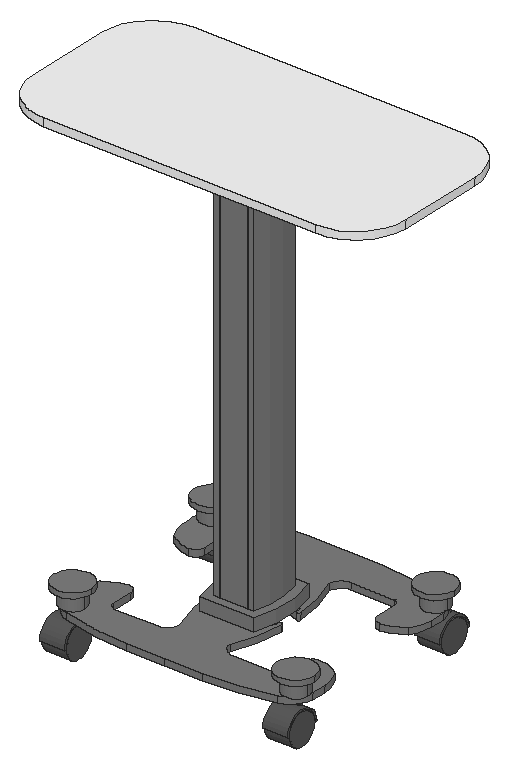
Revit family "Planet-Wattohm Mini Colonnes Logix Clippage direct", category Installations électriques, Revit 2020
Family settings
  Conserver l'orientation des annotations = Non
  Cote de connecteur circulaire = Utiliser le diamètre
  Type d'élément = Normal
  Basée sur le plan de construction = Non
  Toujours verticalement = Oui
  Couper avec des vides une fois chargée = Non
  Partagée = Non
  Point de calcul de pièce = Non
Parameters (values of type "roll and plug 1 cpt 0,68m Alu")
  Visibility Control Table [instance] = and(Tablette, not([4 CPT]))  # yes
  Visibility Control Stand [instance] = and(or(Pieds, Visibility Control Casters), not([4 CPT]))  # yes
  Visibility Control Casters [instance] = and(Option Jeux de roulettes, not([4 CPT]))  # yes
  Séparateur = if([4 CPT], 125 mm, 34.7 mm)  # 34.7 mm
  Standard = "A clippage direct-ON"
  Offset [instance] = if(Visibility Control Casters, 68 mm, if(Visibility Control Stand, 10 mm, 0 mm))  # 68 mm
  Nombre de compartiments = "1 compartiment"
  Modèle = "PW-32317"
  Matériaux corps = Legrand - Aluminium gris
  Matériau principal = "Mixte"
  Matériau couvercle = Legrand - Plastique gris
  Longueur = if([1 CPT], 82 mm, 125 mm)  # 82 mm
  Largeur = if([4 CPT], 125 mm, 75 mm)  # 75 mm
  Tablette [instance] = yes
  Pieds [instance] = yes
  Option Jeux de roulettes [instance] = yes
  H1 = 680 mm
  HC = H1 - 40 mm  # 640 mm
  Finition = "Aluminium"
  Fabricant = "PLANET WATTOHM"
  Elévation par défaut = 0 mm
  Description = "Colonnette 1 compartiment. Clippage direct. Logix 45. En Aluminium. 0,68m"
  Column stand = Pied mobile : pied pr Colonnette Alu 1/2 cpt
  4 CPT = no
  2 CPT = no
  1 CPT = yes
Types (6, lengths in mm): name | Visibility Control Table | Visibility Control Stand | Visibility Control Casters | Séparateur | Offset | Nombre de compartiments | Modèle | Matériau principal | Longueur | Largeur | Tablette | Pieds | Option Jeux de roulettes | H1 | HC | Description | 4 CPT | 2 CPT | 1 CPT
  Colonnette 1 cpt 0,30m Alu | no | no | no | 34.7 | 0 | "1 compartiment" | "PW-32315" | "Aluminium" | 82 | 75 | no | no | no | 300 | 260 | "Colonne mobile 1 compartiment, 2 faces. Clippage direct. Logix 45. Corps en et couvercles en Aluminium. 2m" | no | no | yes
  Colonnette 1 cpt 0,68m Alu | no | no | no | 34.7 | 0 | "1 compartiment" | "PW-32316" | "Aluminium" | 82 | 75 | no | no | no | 680 | 640 | "Colonnette 1 compartiment. Clippage direct. Logix 45. En Aluminium. 0,30m" | no | no | yes
  Colonnette 2 cpts 0,68m Alu | no | no | no | 34.7 | 0 | "2 compartiments" | "PW-32326" | "Aluminium" | 125 | 75 | no | no | no | 680 | 640 | "Colonne mobile  2 compartiments, 2 faces. Clippage direct. Logix 45. Corps en et couvercles en Aluminium. 2m" | no | yes | no
  Colonnette 4 cpts 0,30m Alu | no | no | no | 125 | 0 | "4 compartiments" | "PW-32345" | "Aluminium" | 125 | 125 | no | no | no | 300 | 260 | "Colonne 4 compartiments, 2 faces. Clippage direct" | yes | no | no
  Colonnette 4 cpts 0,68m Alu | no | no | no | 125 | 0 | "4 compartiments" | "PW-32346" | "Aluminium" | 125 | 125 | no | no | no | 680 | 640 | "Colonnette 4 compartiments. 2 faces. Clippage direct. Logix 45. En Aluminium. 0,30m" | yes | no | no
  roll and plug 1 cpt 0,68m Alu | yes | yes | yes | 34.7 | 68 | "1 compartiment" | "PW-32317" | "Mixte" | 82 | 75 | yes | yes | yes | 680 | 640 | "Colonnette 1 compartiment. Clippage direct. Logix 45. En Aluminium. 0,68m" | no | no | yes
Reference planes
  plane 1 "Centre (avant/arrière)": y = 0
  plane 2: z = 68
  plane 3 "Centre (gauche/droite)": x = 0
  plane 4: z = 748
  plane 5: x = 37.5
  plane 6: x = -37.5
  plane 7: y = 41
  plane 8: y = -41
  plane 9: x = -22.539
  plane 10: x = 22.539
  plane 11 "Bas Corps": z = 88
  plane 12 "Haut corps": z = 728
  plane 13: z = 0
  plane 14 "Connecteur": z = 408
Forms (mm)
  Extrusion 1, solid, material "Legrand - Aluminium gris" <- "Matériaux corps"
    sketch origin (0, 0, 88) x (-1, 0, 0) y (0, -1, 0)
      loop
        arc (32.5, -41) -> (37.5, 0) -> (32.5, 41) r 170.6
        line (32.5, 41) -> (22.539, 41) -> (22.539, 17.358) -> (2.539, 17.358) -> (2.539, -17.358) -> (22.539, -17.358) -> (22.539, -41) -> (32.5, -41)
      loop
        arc (-32.5, 41) -> (-37.5, 0) -> (-32.5, -41) r 170.6
        line (-32.5, -41) -> (-22.539, -41) -> (-22.539, -17.358) -> (-2.539, -17.358) -> (-2.539, 17.358) -> (-22.539, 17.358) -> (-22.539, 41) -> (-32.5, 41)
    from 0 to 640 <- "HC"
  Extrusion 2, solid, material "Legrand - Aluminium gris" <- "Matériaux corps"
    sketch origin (0, 0, 88) x (-1, 0, 0) y (0, -1, 0)
      loop
        line (2.55, -17.35) -> (2.55, 17.35) -> (-2.55, 17.35) -> (-2.55, -17.35) -> (2.55, -17.35)
    from 0 to 640 <- "HC"
  Extrusion 3, solid, material "Legrand - Plastique gris" <- "Matériau couvercle"
    sketch origin (0, 0, 0) x (1, 0, 0) y (0, 1, 0)
      loop
        arc (-43.85, 56) -> (-52.5, 0) -> (-43.85, -56) r 185.6
        line (-43.85, -56) -> (43.85, -56)
        arc (43.85, -56) -> (52.5, 0) -> (43.85, 56) r 185.6
        line (43.85, 56) -> (-43.85, 56)
    from 68 to 88
  Extrusion 4, solid, material "Legrand - Plastique gris" <- "Matériau couvercle"
    sketch origin (0, 0, 728) x (-1, 0, 0) y (0, -1, 0)
      loop
        arc (34.058, -43) -> (39.5, 0) -> (34.058, 43) r 172.6
        line (34.058, 43) -> (-34.058, 43)
        arc (-34.058, 43) -> (-39.5, 0) -> (-34.058, -43) r 172.6
        line (-34.058, -43) -> (34.058, -43)
    from 0 to 20
Cuts and joins
  joined: Extrusion 1, Extrusion 2
Dimensions and locks
  "H1": plane 4 to plane 2
  equal spacing: plane 7, plane 1 "Centre (avant/arrière)", plane 8
  equal spacing: plane 6, plane 3 "Centre (gauche/droite)", plane 5
  "Largeur": plane 6 to plane 5
  "Longueur": plane 7 to plane 8
  locked: plane 6 to plane 9 at 14.961
  locked: plane 10 to plane 5 at 14.961
  locked: Extrusion 1 sketch curve to plane 9 at 14.961
  locked: plane 10 to Extrusion 1 sketch curve at 14.961
  Extrusion 1 sketch curve to plane 1 "Centre (avant/arrière)" to Extrusion 1 sketch curve = 17.358 mm locked, 17.358 mm locked
  equal spacing: Extrusion 2 sketch curve, plane 3 "Centre (gauche/droite)", Extrusion 2 sketch curve
  equal spacing: Extrusion 2 sketch curve, plane 1 "Centre (avant/arrière)", Extrusion 2 sketch curve
  "Séparateur": Extrusion 2 sketch curve to Extrusion 2 sketch curve
  locked: Extrusion 2 sketch curve to Extrusion 2 sketch curve at 5.1
  locked: plane 11 "Bas Corps" to plane 2 at 20
  locked: plane 4 to plane 12 "Haut corps" at 20
  locked: Extrusion 3 sketch curve to plane 6 at 15
  Extrusion 3 sketch curve to plane 7 = 15 mm
  locked: Extrusion 3 sketch curve to plane 8 at 15
  locked: plane 5 to Extrusion 3 sketch curve at 15
  locked: Extrusion 4 sketch curve to plane 6 at 2
  locked: plane 5 to Extrusion 4 sketch curve at 2
  locked: Extrusion 4 sketch curve to plane 7 at 2
  locked: plane 8 to Extrusion 4 sketch curve at 2
  "Offset": plane 2 to plane 13
  equal spacing: plane 4, plane 14 "Connecteur", plane 2
  radius of Extrusion 1 sketch curve = 170.6 mm  (x2)
  radius of Extrusion 3 sketch curve = 185.6 mm  (x2)
  radius of Extrusion 4 sketch curve = 172.6 mm  (x2)
  aligned and locked: Extrusion 1 sketch curve to plane 7  (x2)
  aligned and locked: plane 8 to Extrusion 1 sketch curve  (x2)
  aligned and locked: plane 9 to Extrusion 1 sketch curve
  aligned and locked: plane 10 to Extrusion 1 sketch curve
  aligned and locked: nested 1 to Extrusion 1
  aligned and locked: nested 1 to plane 7
  aligned and locked: Extrusion 1 to nested 1
  aligned and locked: nested 2 to plane 7
  aligned and locked: nested 2 to Extrusion 1  (x2)
  aligned and locked: nested 3 to Extrusion 1  (x2)
  aligned and locked: plane 8 to nested 3
  aligned and locked: plane 8 to nested 4
  aligned and locked: nested 4 to Extrusion 1
  aligned and locked: nested 4 to nested 3
  aligned and locked: nested 4 to plane 11 "Bas Corps"
  aligned and locked: nested 3 to plane 11 "Bas Corps"
  aligned and locked: nested 2 to plane 11 "Bas Corps"
  aligned and locked: nested 1 to plane 11 "Bas Corps"
  aligned and locked: plane 11 "Bas Corps" to Extrusion 3
  aligned and locked: plane 4 to Extrusion 4
  aligned and locked: Extrusion 3 to plane 2
  aligned and locked: level to plane 13
Automatic sketch dimensions
  Extrusion 1 sketch curve to plane 10 = 0 mm
  Extrusion 1 sketch curve to plane 9 = 0 mm
  plane 1 "Centre (avant/arrière)" to Extrusion 1 sketch curve = 0 mm  (x2)
  plane 3 "Centre (gauche/droite)" to Extrusion 1 sketch curve = 2.539 mm
  Extrusion 1 sketch curve to plane 3 "Centre (gauche/droite)" = 2.539 mm
  Extrusion 1 sketch curve to plane 1 "Centre (avant/arrière)" = 17.358 mm
  plane 1 "Centre (avant/arrière)" to Extrusion 1 sketch curve = 17.358 mm
  plane 1 "Centre (avant/arrière)" to Extrusion 3 sketch curve = 0 mm  (x2)
  plane 1 "Centre (avant/arrière)" to Extrusion 4 sketch curve = 0 mm  (x2)
Nested families
  nested 1: "Couvercles de Colonne" at (-22.539, 41, 88), H1 <- "HC", Matériau <- "Matériau couvercle", type "Couvercles de Colonne"
    with Matériau Legrand - Plastique gris, L1 23.642 mm, H1 640 mm
  nested 2: "Couvercles de Colonne" at (-22.461, 41, 88), visible <- "4 CPT", H1 <- "HC", Matériau <- "Matériau couvercle", type "Couvercles de Colonne"
    with Matériau Legrand - Plastique gris, L1 23.642 mm, H1 640 mm
  nested 3: "Couvercles de Colonne" at (-22.461, -17.358, 88), visible <- "4 CPT", H1 <- "HC", Matériau <- "Matériau couvercle", type "Couvercles de Colonne"
    with Matériau Legrand - Plastique gris, L1 23.642 mm, H1 640 mm
  nested 4: "Couvercles de Colonne" at (-22.539, -17.358, 88), H1 <- "HC", Matériau <- "Matériau couvercle", type "Couvercles de Colonne"
    with Matériau Legrand - Plastique gris, L1 23.642 mm, H1 640 mm
  nested 5: "Tablette" at (0, 0, 748), visible <- "Visibility Control Table", type "table pour Colonnette 1/2 cpt"
  nested 6: "Pied mobile" at (0.11, -0.11, 68) x (0, -1, 0) z (0, 0, -1), type <- "Column stand", visible <- "Visibility Control Stand", type "pied pr Colonnette Alu 1/2 cpt"
  nested 7: "Roulette" at (-180.073, -153.848, 0) x (-1, 0, 0) z (0, 0, 1), visible <- "Visibility Control Casters", type "4 roulettes et range cordon de Colonnettes"
  nested 8: "Roulette" at (180.073, -153.848, 0) x (-1, 0, 0) z (0, 0, 1), visible <- "Visibility Control Casters", type "4 roulettes et range cordon de Colonnettes"
  nested 9: "Roulette" at (-180.073, 153.629, 0) x (-1, 0, 0) z (0, 0, 1), visible <- "Visibility Control Casters", type "4 roulettes et range cordon de Colonnettes"
  nested 10: "Roulette" at (180.073, 153.629, 0) x (-1, 0, 0) z (0, 0, 1), visible <- "Visibility Control Casters", type "4 roulettes et range cordon de Colonnettes"
Connectors
  electrical at (0, 0, 408)
    settings: index 1, voltage 0 V, apparent load 0 VA, apparent load phase1 0 VA, apparent load phase2 0 VA, apparent load phase3 0 VA, power factor 1, load classification "Autre", number of poles 1, system type 31, power factor state 1, is connector primary yes, connector utility no, sub classification motor no, connector description ""
Definition of nested family "Couvercles de Colonne"
  Parameters (values of type "IDS_COLUMN_COVER")
    Matériau [instance] = none
    L1 [instance] = 187.766 mm
    H1 [instance] = 2660 mm
    Default Elevation = 0 mm
  Reference planes
    plane 1 "Centre (avant/arrière)": y = 0
    plane 2: z = 0
    plane 3 "Centre (gauche/droite)": x = 0
    plane 4: x = 45
    plane 5: y = -187.766
    plane 6: z = 2660
  Forms (mm)
    Extrusion 1, solid, material <- "Matériau"
      sketch origin (0, 0, 0) x (1, 0, 0) y (0, 1, 0)
        loop
          line (0, 0) -> (0, -187.766) -> (45, -187.766) -> (45, 0) -> (0, 0)
      from 0 to 2660
  Dimensions and locks
    plane 3 "Centre (gauche/droite)" to plane 4 = 45 mm
    "L1": plane 5 to plane 1 "Centre (avant/arrière)"
    "H1": plane 6 to plane 2
    aligned and locked: level to plane 2
    aligned and locked: plane 6 to Extrusion 1
  Automatic sketch dimensions
    Extrusion 1 sketch curve to plane 3 "Centre (gauche/droite)" = 0 mm
    Extrusion 1 sketch curve to plane 4 = 0 mm
    Extrusion 1 sketch curve to plane 5 = 0 mm
    plane 1 "Centre (avant/arrière)" to Extrusion 1 sketch curve = 0 mm
Definition of nested family "Tablette"
  Parameters (values of type "IDS_653084")
    Model = "LG-653084"
    Manufacturer = "LEGRAND"
    Default Elevation = 1219.2 mm
    Description = "IDS_DESCRITPION_LG-653084"
  Reference planes
    plane 1 "Centre (avant/arrière)": y = 0
    plane 2: z = 0
    plane 3 "Centre (gauche/droite)": x = 0
  Forms (mm)
    Extrusion 1, solid
      sketch origin (0, 0, 0) x (1, 0, 0) y (0, 1, 0)
        loop
          line (-1219.2, 1219.2) -> (-1219.2, -1219.2) -> (1219.2, -1219.2) -> (1219.2, 1219.2) -> (-1219.2, 1219.2)
      from 0 to -304.8
    Extrusion 2, solid
      sketch origin (0, 0, 0) x (1, 0, 0) y (0, 1, 0)
        loop
          arc (-220, 150) -> (-276.569, 126.569) -> (-300, 70) r 80
          line (-300, 70) -> (-300, -70)
          arc (-300, -70) -> (-276.569, -126.569) -> (-220, -150) r 80
          line (-220, -150) -> (220, -150)
          arc (220, -150) -> (276.569, -126.569) -> (300, -70) r 80
          line (300, -70) -> (300, 70)
          arc (300, 70) -> (276.569, 126.569) -> (220, 150) r 80
          line (220, 150) -> (-220, 150)
      from 0 to 12
  Dimensions and locks
    Extrusion 2 to Extrusion 2 = 600 mm
    Extrusion 2 to Extrusion 2 = 300 mm
    aligned and locked: plane 2 to Extrusion 1
    aligned and locked: level to Extrusion 1
Definition of nested family "Pied mobile"
  Parameters (values of type "IDS_PW-32352")
    Model = "PW-32352"
    Materiau = none
    Manufacturer = "PLANET WATTOHM"
    Default Elevation = 1219.2 mm
    Description = "IDS_DESCRITPION_PW-32352"
  Reference planes
    plane 1 "Centre (avant/arrière)": y = 0
    plane 2: z = 0
    plane 3 "Centre (gauche/droite)": x = 0
    plane 4: y = -200
    plane 5: y = 200
    plane 6: x = -180
    plane 7: x = 180
  Forms (mm)
    Extrusion 1, solid
      sketch origin (0, 0, 0) x (1, 0, 0) y (0, 1, 0)
        loop
          line (-1219.2, 1219.2) -> (-1219.2, -1219.2) -> (1219.2, -1219.2) -> (1219.2, 1219.2) -> (-1219.2, 1219.2)
      from 0 to -304.8
    Extrusion 2, solid, material <- "Materiau"
      sketch origin (0, 0, 0) x (1, 0, 0) y (0, 1, 0)
        loop
          line (-180, 0) -> (-180, -61.189)
          arc (-180, -61.189) -> (-175.417, -115.996) -> (-165, -170) r 513.701
          arc (-165, -170) -> (-153.071, -189.987) -> (-132.058, -200) r 40.162
          line (-132.058, -200) -> (-107.825, -200)
          arc (-107.825, -200) -> (-90.864, -196.802) -> (-75, -190) r 79.091
          arc (-75, -190) -> (-65.429, -173.295) -> (-60.467, -154.692) r 74.359
          arc (-60.467, -154.692) -> (-64.771, -144.303) -> (-75.16, -140) r 14.692
          line (-75.16, -140) -> (-110, -140)
          arc (-110, -140) -> (-117.071, -137.071) -> (-120, -130) r 10
          line (-120, -130) -> (-120, -60.561)
          arc (-120, -60.561) -> (-114.142, -46.419) -> (-100, -40.561) r 20
          arc (-100, -40.561) -> (-60.66, -53.386) -> (-19.784, -59.807) r 260
          arc (-19.784, -59.807) -> (-16.958, -58.636) -> (-16.06, -55.711) r 3.591
          line (-16.06, -55.711) -> (-31.638, -12.913)
          arc (-31.638, -12.913) -> (-29.417, -0.22) -> (-17.905, 5.568) r 14.343
          line (-17.905, 5.568) -> (17.905, 5.568)
          arc (17.905, 5.568) -> (29.417, -0.22) -> (31.638, -12.913) r 14.343
          line (31.638, -12.913) -> (16.06, -55.711)
          arc (16.06, -55.711) -> (16.958, -58.636) -> (19.784, -59.807) r 3.591
          arc (19.784, -59.807) -> (60.66, -53.386) -> (100, -40.561) r 260
          arc (100, -40.561) -> (114.142, -46.419) -> (120, -60.561) r 20
          line (120, -60.561) -> (120, -130)
          arc (120, -130) -> (117.071, -137.071) -> (110, -140) r 10
          line (110, -140) -> (75.16, -140)
          arc (75.16, -140) -> (64.771, -144.303) -> (60.467, -154.692) r 14.692
          arc (60.467, -154.692) -> (65.429, -173.295) -> (75, -190) r 74.359
          arc (75, -190) -> (90.864, -196.802) -> (107.825, -200) r 79.091
          line (107.825, -200) -> (132.058, -200)
          arc (132.058, -200) -> (153.071, -189.987) -> (165, -170) r 40.162
          arc (165, -170) -> (175.417, -115.996) -> (180, -61.189) r 513.701
          line (180, -61.189) -> (180, 0) -> (180, 61.189)
          arc (180, 61.189) -> (175.417, 115.996) -> (165, 170) r 513.701
          arc (165, 170) -> (148.307, 193.71) -> (120, 200) r 40.162
          arc (120, 200) -> (96.755, 198.351) -> (75, 190) r 79.091
          arc (75, 190) -> (65.429, 173.295) -> (60.467, 154.692) r 74.359
          arc (60.467, 154.692) -> (64.771, 144.303) -> (75.16, 140) r 14.692
          line (75.16, 140) -> (110, 140)
          arc (110, 140) -> (117.071, 137.071) -> (120, 130) r 10
          line (120, 130) -> (120, 60.561)
          arc (120, 60.561) -> (114.142, 46.419) -> (100, 40.561) r 20
          arc (100, 40.561) -> (0, 60.561) -> (-100, 40.561) r 260
          arc (-100, 40.561) -> (-114.142, 46.419) -> (-120, 60.561) r 20
          line (-120, 60.561) -> (-120, 130)
          arc (-120, 130) -> (-117.071, 137.071) -> (-110, 140) r 10
          line (-110, 140) -> (-75.16, 140)
          arc (-75.16, 140) -> (-64.771, 144.303) -> (-60.467, 154.692) r 14.692
          arc (-60.467, 154.692) -> (-65.429, 173.295) -> (-75, 190) r 74.359
          arc (-75, 190) -> (-96.755, 198.351) -> (-120, 200) r 79.091
          arc (-120, 200) -> (-148.307, 193.71) -> (-165, 170) r 40.162
          arc (-165, 170) -> (-175.417, 115.996) -> (-180, 61.189) r 513.701
          line (-180, 61.189) -> (-180, 0)
      from 0 to 10
    Extrusion 3, void
      sketch origin (0, 0, 0) x (1, 0, 0) y (0, 1, 0)
        loop
          circle (141.373, -180.262) r 5
        loop
          circle (-141.373, -180.262) r 5
        loop
          circle (141.373, 180.262) r 5
        loop
          circle (-141.373, 180.262) r 5
      from 0 to 10
    Extrusion 4, void
      sketch origin (0, 0, 0) x (1, 0, 0) y (0, 1, 0)
        loop
          circle (-24.029, -51.565) r 2.527
        loop
          circle (24.029, -51.565) r 2.527
        loop
          circle (-29.084, 51.565) r 2.527
        loop
          circle (29.084, 51.565) r 2.527
      from 0 to 10
  Cuts and joins
    Extrusion 3, Extrusion 4 cuts Extrusion 2
  Dimensions and locks
    plane 5 to plane 4 = 400 mm
    plane 6 to plane 7 = 360 mm
    aligned and locked: plane 2 to Extrusion 1
    aligned and locked: level to Extrusion 1
Definition of nested family "Roulette"
  Parameters (values of type "IDS_PW-32350")
    Model = "PW-32350"
    Manufacturer = "PLANET WATTOHM"
    Default Elevation = 0 mm
    Description = "IDS_DESCRITPION_PW-32350"
  Reference planes
    plane 1 "Centre (avant/arrière)": y = 0
    plane 2: z = 0
    plane 3 "Centre (gauche/droite)": x = 0
  Forms (mm)
    Extrusion 1, solid
      sketch origin (0, 167.844, 41.5) x (0, 1, 0) y (0, 0, 1)
        loop
          circle (-167.847, -16.5) r 25
      from -20 to 20
    Sweep 2, solid
      path origin (0, 167.844, 43.862) x (0, 1, 0) y (0, 0, 1)
        loop
          arc (-140.847, -18.5) -> (-167.847, 8.5) -> (-194.847, -18.5) r 27
      profile origin (0, -0.003, 52.362) x (0, 0, -1) y (1, 0, 0)
        loop
          line (0, -20) -> (0, 20) -> (-2, 20) -> (-2, -20) -> (0, -20)
    Extrusion 3, solid
      sketch origin (134.69, 165.347, 0) x (1, 0, 0) y (0, 1, 0)
        loop
          circle (-134.69, -177.847) r 8
      from 39.162 to 68
    Extrusion 4, solid
      sketch origin (134.69, 155.347, 28) x (1, 0, 0) y (0, 1, 0)
        loop
          circle (-134.69, -167.847) r 20
      from 40 to 64
    Extrusion 5, solid
      sketch origin (134.69, 155.347, 40) x (1, 0, 0) y (0, 1, 0)
        loop
          circle (-134.69, -167.847) r 30
      from 52 to 60
  Dimensions and locks
    aligned and locked: level to plane 2
